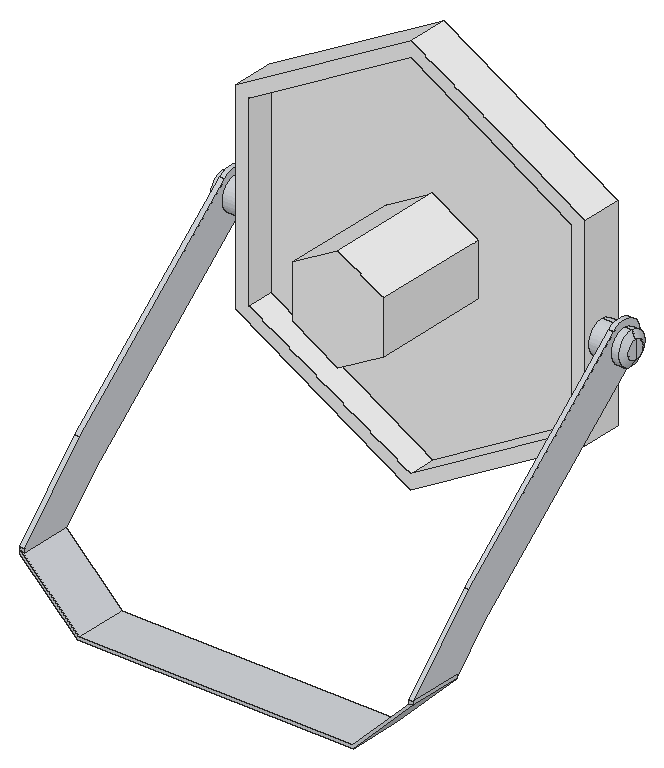
Revit family "Lighting-Proiezione-GEWISS-ESALITE-FL-PROIETTORI-LED_12K_DALI", category Apparecchi per illuminazione, host Superficie, Revit 2019 (continued)
Types (12, lengths in mm): name | Versioni | Temperatura di colore: | Scheda Tecnica | Ottica | built-in parameter 1150142 | Modello | Lumen output (lm) | IDT | Flusso nominale (lm) | File diagramma fotometrico | Descrizione
  GWS6424GD30K - ESALITE 12K 90° 3000K PRO+V GR.DALI | "Luce calda 3000K" | "3000 K (CRI>80)" | "https://www.gewiss.com/it/it/search?q=GWS6424GD30K" | "90°" | "IESNA:LM-63-2002\r\n[TEST] GWS6424GD30K\r\n[TESTLAB] GEWISS\r\n[TESTDATE] 31 Aug 2018\r\n[ISSUEDATE] 31 Aug 2018\r\n[MANUFAC] GEWISS\r\n[LUMCAT] GWS6424GD30K\r\n[LUMINAIRE] ESALITE FL 12K+GLAS 90° GR. DALI LED830\r\n[FLASHAREA] 0.030706\r\n[LAMPCAT] LED 112W/3000K - 11800lm\r\n[LAMP] LED 112W/3000K - 11800lm\r\nTILT=NONE\r\n1 11800.00 1.0 28 19 1 2 -0.402 -0.402 0.000\r\n1.00 1.00 112.00\r\n0.00 2.50 5.00 7.50 10.00 12.50 15.00 17.50 20.00 22.50 \r\n25.00 27.50 30.00 32.50 35.00 37.50 40.00 42.50 45.00 \r\n50.00 55.00 60.00 65.00 70.00 75.00 80.00 85.00 90.00 \r\n0.00 5.00 10.00 15.00 20.00 25.00 30.00 35.00 40.00 45.00 \r\n50.00 55.00 60.00 65.00 70.00 75.00 80.00 85.00 90.00 \r\n6815.21 6798.33 6799.87 6843.76 6931.08 7020.41 7012.86 \r\n6938.87 6846.83 6760.69 6661.34 6542.51 6387.34 6170.34 \r\n5879.35 5446.41 4385.23 2340.29 1020.91 578.29 615.00 \r\n504.98 432.97 339.97 229.77 115.56 37.15 0.70 \r\n6815.21 6800.93 6803.76 6852.97 6945.72 7030.79 7030.91 \r\n6955.51 6862.88 6774.97 6674.91 6549.59 6392.41 6170.69 \r\n5874.28 5435.55 4367.65 2325.31 1012.99 567.59 638.46 \r\n501.72 430.39 337.62 226.48 118.83 36.47 0.69 \r\n6815.21 6797.74 6798.45 6846.01 6943.00 7028.91 7028.32 \r\n6952.44 6862.76 6775.56 6678.68 6556.43 6396.31 6180.25 \r\n5885.96 5446.53 4385.82 2337.58 1014.27 565.31 562.49 \r\n498.33 428.87 335.39 220.73 114.96 34.81 0.69 \r\n6815.21 6797.04 6801.28 6846.36 6946.78 7030.79 7028.32 \r\n6951.62 6858.51 6771.43 6673.49 6555.96 6394.66 6179.78 \r\n5885.25 5445.11 4382.28 2339.70 1016.22 571.00 575.43 \r\n504.78 431.99 333.74 214.32 111.23 35.77 0.68 \r\n6815.21 6797.74 6801.17 6846.83 6954.09 7037.52 7035.40 \r\n6957.04 6859.34 6774.26 6678.45 6556.67 6397.61 6180.60 \r\n5886.43 5445.23 4380.40 2338.05 1011.45 587.63 942.83 \r\n503.47 430.30 323.01 206.68 102.79 30.93 0.66 \r\n6815.21 6794.09 6795.15 6841.64 6952.32 7034.57 7029.97 \r\n6948.43 6856.63 6773.32 6677.27 6556.20 6396.78 6180.84 \r\n5891.27 5451.84 4391.13 2344.54 1015.39 603.82 914.69 \r\n509.80 433.39 314.53 203.50 92.55 27.87 0.65 \r\n6815.21 6793.97 6793.14 6846.12 6961.06 7044.25 7034.22 \r\n6952.68 6858.16 6772.26 6678.56 6555.14 6394.30 6177.06 \r\n5888.55 5448.30 4380.28 2333.69 1008.59 609.35 703.56 \r\n509.30 431.27 308.65 200.93 83.84 27.45 0.63 \r\n6815.21 6790.55 6787.01 6844.83 6965.78 7048.26 7040.35 \r\n6950.32 6858.04 6777.09 6682.10 6557.26 6393.48 6179.90 \r\n5893.86 5456.56 4388.89 2340.77 1011.74 611.05 825.13 \r\n510.35 433.96 314.91 204.06 93.35 27.70 0.61 \r\n6815.21 6789.84 6785.59 6846.12 6977.46 7060.41 7044.84 \r\n6954.57 6863.23 6783.23 6685.76 6562.22 6401.85 6190.52 \r\n5902.36 5465.88 4397.03 2343.01 1008.19 595.38 866.05 \r\n504.20 431.99 324.29 208.25 104.21 31.24 0.59 \r\n6815.21 6783.94 6779.93 6844.00 6978.64 7065.37 7044.72 \r\n6947.01 6853.44 6769.54 6673.49 6550.30 6386.75 6177.30 \r\n5891.74 5454.67 4389.95 2340.18 1003.67 567.72 563.72 \r\n501.69 429.69 332.62 213.27 110.24 35.64 0.57 \r\n6815.21 6785.35 6778.16 6848.84 6989.97 7083.66 7056.16 \r\n6953.86 6865.71 6784.76 6689.18 6566.82 6406.69 6201.61 \r\n5915.46 5473.55 4403.17 2343.24 1006.10 569.72 562.72 \r\n502.03 431.48 338.09 222.49 115.60 35.41 0.55 \r\n6815.21 6781.93 6775.91 6852.50 6997.64 7090.38 7057.58 \r\n6951.38 6858.51 6776.50 6685.41 6563.40 6396.54 6190.75 \r\n5904.84 5467.18 4400.81 2345.01 1006.33 570.34 619.82 \r\n504.24 431.59 339.50 227.82 118.67 37.02 0.55 \r\n6815.21 6779.57 6778.16 6861.94 7011.91 7101.00 7061.83 \r\n6950.67 6859.34 6782.64 6690.13 6565.17 6399.02 6189.93 \r\n5900.59 5460.21 4386.89 2330.85 999.90 573.11 615.87 \r\n503.26 430.94 339.36 230.18 114.91 37.28 0.54 \r\n6815.21 6774.73 6774.26 6861.58 7014.75 7102.89 7059.11 \r\n6944.18 6855.80 6779.57 6687.53 6562.22 6400.56 6193.58 \r\n5905.31 5466.94 4394.08 2336.40 998.96 567.63 640.81 \r\n502.43 430.26 338.37 227.46 119.36 36.64 0.53 \r\n6815.21 6771.19 6774.62 6870.90 7023.01 7113.28 7059.82 \r\n6944.54 6857.57 6780.28 6689.07 6565.76 6401.38 6189.93 \r\n5901.18 5463.75 4394.08 2339.00 997.52 564.51 558.78 \r\n498.73 428.41 335.79 221.43 115.05 35.05 0.54 \r\n6815.21 6773.44 6773.32 6873.62 7026.90 7120.36 7061.83 \r\n6948.67 6865.00 6789.25 6700.28 6576.14 6413.30 6202.67 \r\n5915.22 5474.02 4401.05 2348.32 1000.84 567.16 583.96 \r\n501.46 429.12 332.15 213.69 111.00 35.75 0.55 \r\n6815.21 6770.01 6772.61 6875.27 7031.97 7119.18 7058.17 \r\n6940.05 6854.50 6779.69 6691.66 6564.46 6402.92 6192.40 \r\n5904.84 5464.11 4387.83 2342.89 1000.63 586.50 1092.89 \r\n502.39 430.30 322.91 207.41 103.55 31.50 0.55 \r\n6815.21 6769.90 6770.37 6878.69 7035.51 7125.67 7062.18 \r\n6941.11 6857.57 6786.18 6693.55 6567.05 6404.21 6192.40 \r\n5909.20 5464.93 4392.43 2344.19 1002.81 598.04 1003.68 \r\n509.08 431.79 312.92 203.24 92.47 27.90 0.56 \r\n6815.21 6774.62 6774.62 6880.46 7039.17 7126.61 7056.52 \r\n6939.58 6854.62 6780.75 6684.82 6556.79 6391.94 6177.77 \r\n5899.65 5460.33 4394.67 2354.22 1010.38 610.89 696.62 \r\n512.69 435.03 310.25 203.17 84.42 28.17 0.57 \r\n" | "GWS6424GD30K" | "11800" | "e4b364b06e3a458b96a80a10ea222f02" | "14000" | "GWS6424GD30K.IES" | "ESALITE 12K 90° 3000K PRO+V GR.DALI"
  GWS6424GD57K - ESALITE 12K 90° 5700K PRO+V GR.DALI | "Luce fredda 5700K" | "5700 K (CRI>80)" | "https://www.gewiss.com/it/it/search?q=GWS6424GD57K" | "90°" | "IESNA:LM-63-2002\r\n[TEST] GWS6424GD57K\r\n[TESTLAB] GEWISS\r\n[TESTDATE] 31 Aug 2018\r\n[ISSUEDATE] 31 Aug 2018\r\n[MANUFAC] GEWISS\r\n[LUMCAT] GWS6424GD57K\r\n[LUMINAIRE] ESALITE FL 12K+GLAS 90° GR. DALI LED857\r\n[FLASHAREA] 0.030706\r\n[LAMPCAT] LED 112W/5700K - 12700lm\r\n[LAMP] LED 112W/5700K - 12700lm\r\nTILT=NONE\r\n1 12700.00 1.0 28 19 1 2 -0.402 -0.402 0.000\r\n1.00 1.00 112.00\r\n0.00 2.50 5.00 7.50 10.00 12.50 15.00 17.50 20.00 22.50 \r\n25.00 27.50 30.00 32.50 35.00 37.50 40.00 42.50 45.00 \r\n50.00 55.00 60.00 65.00 70.00 75.00 80.00 85.00 90.00 \r\n0.00 5.00 10.00 15.00 20.00 25.00 30.00 35.00 40.00 45.00 \r\n50.00 55.00 60.00 65.00 70.00 75.00 80.00 85.00 90.00 \r\n7335.01 7316.85 7318.50 7365.75 7459.73 7555.86 7547.74 \r\n7468.11 7369.05 7276.34 7169.40 7041.52 6874.51 6640.96 \r\n6327.77 5861.81 4719.70 2518.79 1098.78 622.40 661.91 \r\n543.50 465.99 365.90 247.29 124.37 39.99 0.76 \r\n7335.01 7319.64 7322.69 7375.65 7475.47 7567.04 7567.17 \r\n7486.02 7386.32 7291.70 7184.01 7049.13 6879.97 6641.34 \r\n6322.31 5850.13 4700.78 2502.66 1090.26 610.88 687.16 \r\n539.99 463.22 363.37 243.75 127.89 39.25 0.75 \r\n7335.01 7316.22 7316.98 7368.16 7472.55 7565.01 7564.37 \r\n7482.71 7386.19 7292.34 7188.07 7056.50 6884.16 6651.63 \r\n6334.89 5861.94 4720.34 2515.87 1091.63 608.43 605.40 \r\n536.33 461.58 360.97 237.57 123.73 37.46 0.74 \r\n7335.01 7315.45 7320.03 7368.54 7476.62 7567.04 7564.37 \r\n7481.82 7381.62 7287.89 7182.48 7055.99 6882.38 6651.12 \r\n6334.13 5860.41 4716.53 2518.16 1093.72 614.55 619.32 \r\n543.28 464.93 359.19 230.67 119.72 38.49 0.73 \r\n7335.01 7316.22 7319.90 7369.05 7484.49 7574.28 7571.99 \r\n7487.67 7382.51 7290.94 7187.82 7056.75 6885.56 6652.01 \r\n6335.39 5860.54 4714.49 2516.38 1088.59 632.45 1014.74 \r\n541.87 463.12 347.65 222.44 110.63 33.28 0.71 \r\n7335.01 7312.28 7313.42 7363.46 7482.59 7571.10 7566.15 \r\n7478.39 7379.59 7289.93 7186.55 7056.25 6884.67 6652.26 \r\n6340.60 5867.65 4726.05 2523.36 1092.83 649.87 984.45 \r\n548.68 466.45 338.52 219.02 99.61 30.00 0.70 \r\n7335.01 7312.15 7311.26 7368.29 7491.98 7581.52 7570.72 \r\n7482.97 7381.24 7288.78 7187.95 7055.10 6882.00 6648.20 \r\n6337.68 5863.84 4714.37 2511.68 1085.52 655.83 757.22 \r\n548.14 464.16 332.19 216.26 90.23 29.55 0.68 \r\n7335.01 7308.47 7304.66 7366.89 7497.06 7585.84 7577.33 \r\n7480.43 7381.11 7293.99 7191.76 7057.39 6881.11 6651.24 \r\n6343.40 5872.73 4723.64 2519.30 1088.91 657.66 888.06 \r\n549.27 467.06 338.92 219.62 100.47 29.81 0.66 \r\n7335.01 7307.71 7303.13 7368.29 7509.64 7598.92 7582.15 \r\n7485.00 7386.70 7300.60 7195.69 7062.72 6890.13 6662.67 \r\n6352.54 5882.77 4732.40 2521.71 1085.09 640.79 932.10 \r\n542.66 464.93 349.02 224.13 112.16 33.62 0.63 \r\n7335.01 7301.36 7297.04 7366.00 7510.91 7604.25 7582.03 \r\n7476.87 7376.16 7285.86 7182.48 7049.90 6873.88 6648.45 \r\n6341.11 5870.70 4724.78 2518.66 1080.22 611.02 606.72 \r\n539.95 462.46 357.99 229.54 118.65 38.36 0.61 \r\n7335.01 7302.88 7295.13 7371.21 7523.10 7623.94 7594.35 \r\n7484.24 7389.37 7302.25 7199.38 7067.68 6895.34 6674.61 \r\n6366.64 5891.02 4739.00 2521.97 1082.84 613.17 605.64 \r\n540.32 464.39 363.88 239.46 124.42 38.11 0.60 \r\n7335.01 7299.20 7292.72 7375.14 7531.35 7631.18 7595.87 \r\n7481.57 7381.62 7293.36 7195.31 7063.99 6884.42 6662.93 \r\n6355.21 5884.16 4736.46 2523.87 1083.08 613.84 667.09 \r\n542.70 464.50 365.39 245.20 127.72 39.85 0.59 \r\n7335.01 7296.66 7295.13 7385.30 7546.72 7642.61 7600.44 \r\n7480.81 7382.51 7299.96 7200.39 7065.90 6887.08 6662.04 \r\n6350.64 5876.67 4721.48 2508.63 1076.16 616.83 662.84 \r\n541.64 463.80 365.24 247.74 123.67 40.12 0.58 \r\n7335.01 7291.45 7290.94 7384.92 7549.77 7644.64 7597.52 \r\n7473.82 7378.70 7296.66 7197.60 7062.72 6888.73 6665.98 \r\n6355.71 5883.91 4729.23 2514.60 1075.16 610.92 689.69 \r\n540.75 463.08 364.17 244.81 128.46 39.44 0.57 \r\n7335.01 7287.64 7291.32 7394.96 7558.66 7655.81 7598.28 \r\n7474.20 7380.60 7297.42 7199.25 7066.53 6889.62 6662.04 \r\n6351.27 5880.48 4729.23 2517.39 1073.61 607.57 601.40 \r\n536.77 461.09 361.40 238.32 123.83 37.73 0.59 \r\n7335.01 7290.05 7289.93 7397.88 7562.85 7663.43 7600.44 \r\n7478.65 7388.61 7307.07 7211.31 7077.71 6902.45 6675.75 \r\n6366.38 5891.53 4736.72 2527.43 1077.18 610.41 628.50 \r\n539.71 461.85 357.48 229.98 119.47 38.48 0.59 \r\n7335.01 7286.37 7289.16 7399.65 7568.31 7662.16 7596.50 \r\n7469.38 7377.30 7296.78 7202.04 7065.14 6891.27 6664.71 \r\n6355.21 5880.86 4722.49 2521.59 1076.95 631.23 1176.25 \r\n540.70 463.12 347.54 223.23 111.44 33.91 0.60 \r\n7335.01 7286.24 7286.75 7403.34 7572.12 7669.15 7600.82 \r\n7470.52 7380.60 7303.77 7204.07 7067.93 6892.67 6664.71 \r\n6359.91 5881.75 4727.45 2522.98 1079.30 643.65 1080.24 \r\n547.90 464.72 336.79 218.74 99.52 30.03 0.61 \r\n7335.01 7291.32 7291.32 7405.24 7576.06 7670.16 7594.73 \r\n7468.87 7377.43 7297.93 7194.68 7056.88 6879.46 6648.96 \r\n6349.62 5876.80 4729.86 2533.78 1087.44 657.48 749.76 \r\n551.79 468.21 333.91 218.67 90.86 30.32 0.61 \r\n" | "GWS6424GD57K" | "12700" | "9b5e66c3613a43dfb9990fbbdd86d297" | "15000" | "GWS6424GD57K.IES" | "ESALITE 12K 90° 5700K PRO+V GR.DALI"
  GWS6425GD - ESALITE 12K ELL.4000K PRO+V GR.DALI | "Luce naturale 4000K" | "4000 K (CRI>80)" | "https://www.gewiss.com/it/it/search?q=GWS6425GD" | "Ellittica" | "IESNA:LM-63-2002\r\n[TEST] GWS6425GD\r\n[TESTLAB] GEWISS\r\n[TESTDATE] 31 Aug 2018\r\n[ISSUEDATE] 31 Aug 2018\r\n[MANUFAC] GEWISS\r\n[LUMCAT] GWS6425GD\r\n[LUMINAIRE] ESALITE FL 12K+GLAS ELL. GR. DALI LED840\r\n[FLASHAREA] 0.030706\r\n[LAMPCAT] LED 112W/4000K - 11900lm\r\n[LAMP] LED 112W/4000K - 11900lm\r\nTILT=NONE\r\n1 11900.00 1.0 46 19 1 2 -0.402 -0.402 0.000\r\n1.00 1.00 112.00\r\n0.00 1.00 2.00 3.00 4.00 5.00 6.00 7.00 8.00 9.00 10.00 \r\n11.00 12.00 13.00 14.00 15.00 17.50 20.00 22.50 25.00 \r\n27.50 30.00 32.50 35.00 37.50 40.00 42.50 45.00 47.50 \r\n50.00 52.50 55.00 57.50 60.00 62.50 65.00 67.50 70.00 \r\n72.50 75.00 77.50 80.00 82.50 85.00 87.50 90.00 \r\n0.00 5.00 10.00 15.00 20.00 25.00 30.00 35.00 40.00 45.00 \r\n50.00 55.00 60.00 65.00 70.00 75.00 80.00 85.00 90.00 \r\n4745.36 4742.74 4745.24 4761.43 4803.79 4900.78 5060.00 \r\n5261.47 5454.25 5610.97 5684.51 5679.63 5662.38 5662.50 \r\n5671.18 5701.05 5810.41 5944.53 6121.12 6349.96 6696.96 \r\n7109.89 7165.82 7109.66 7093.35 7082.05 7061.82 6889.39 \r\n6364.95 5398.08 4081.34 2674.64 1534.39 989.53 1006.18 \r\n1253.19 1074.82 611.39 405.69 320.55 240.12 182.78 130.80 \r\n75.02 26.02 1.72 \r\n4745.36 4745.96 4747.86 4762.74 4804.63 4899.35 5055.83 \r\n5256.11 5448.18 5606.57 5680.11 5676.30 5659.52 5655.71 \r\n5666.90 5696.89 5806.01 5946.43 6118.50 6347.46 6685.42 \r\n7083.36 7150.00 7113.94 7103.94 7104.06 7094.18 6944.60 \r\n6431.59 5444.49 4111.09 2683.21 1518.44 979.29 997.26 \r\n1242.00 1061.81 597.19 379.46 285.03 214.24 163.16 108.60 \r\n57.89 20.45 1.71 \r\n4745.36 4746.55 4746.67 4760.36 4801.53 4891.97 5044.17 \r\n5242.07 5435.56 5594.67 5674.99 5676.06 5657.86 5653.45 \r\n5665.23 5693.20 5806.25 5951.31 6136.83 6373.28 6692.20 \r\n7052.30 7152.26 7162.49 7174.51 7189.03 7193.19 7067.77 \r\n6577.61 5580.27 4234.97 2782.34 1568.78 990.37 989.34 \r\n1238.67 1049.66 585.03 367.10 273.20 204.73 148.73 97.24 \r\n53.90 19.76 1.69 \r\n4745.36 4745.24 4746.55 4757.14 4795.70 4881.50 5027.63 \r\n5219.82 5411.88 5579.20 5668.21 5677.13 5659.16 5653.57 \r\n5663.69 5694.15 5812.91 5971.90 6172.65 6420.76 6715.53 \r\n7039.44 7191.17 7251.98 7287.20 7306.24 7276.85 7127.27 \r\n6670.19 5746.27 4490.11 3113.28 1869.37 1110.00 988.27 \r\n1223.56 1039.00 580.90 364.91 272.59 205.94 152.15 106.40 \r\n55.44 20.30 1.68 \r\n4745.36 4742.86 4744.77 4753.45 4787.73 4866.15 5002.64 \r\n5188.28 5378.92 5555.28 5662.97 5682.85 5665.23 5659.64 \r\n5668.21 5699.39 5823.27 5994.74 6209.90 6478.96 6766.22 \r\n7055.39 7243.05 7327.90 7342.42 7294.70 7144.76 6861.54 \r\n6418.15 5687.61 4655.99 3436.48 2232.08 1290.67 972.86 \r\n1155.59 1023.64 567.65 352.67 269.43 201.06 149.36 103.15 \r\n61.66 24.16 1.65 \r\n4745.36 4744.77 4745.96 4754.17 4783.44 4854.01 4981.46 \r\n5158.77 5346.79 5529.81 5657.74 5698.91 5688.20 5678.80 \r\n5686.30 5716.88 5848.73 6033.66 6261.07 6540.36 6816.92 \r\n7044.56 7189.27 7186.41 7049.92 6790.38 6383.40 5855.28 \r\n5266.11 4642.31 3867.62 2901.93 1918.64 1153.82 850.95 \r\n1001.06 950.35 533.62 341.34 261.15 190.94 131.22 85.27 \r\n53.57 25.38 1.62 \r\n4745.36 4745.96 4747.86 4754.76 4777.97 4838.42 4951.59 \r\n5116.88 5300.50 5491.49 5640.48 5711.05 5710.57 5701.77 \r\n5704.38 5730.92 5858.61 6043.30 6264.52 6508.35 6696.61 \r\n6761.10 6688.28 6413.15 5956.90 5365.47 4667.78 3937.95 \r\n3235.73 2611.34 2093.09 1619.35 1201.66 899.27 745.76 \r\n805.42 788.03 474.37 324.51 246.75 178.11 118.89 77.55 \r\n47.91 19.71 1.59 \r\n4745.36 4745.96 4746.67 4750.36 4770.95 4822.12 4921.36 \r\n5073.09 5250.52 5444.13 5613.35 5716.88 5736.04 5725.92 \r\n5723.42 5743.30 5858.73 6024.26 6186.69 6293.32 6249.05 \r\n5994.98 5556.94 4915.30 4145.84 3357.82 2623.59 2018.24 \r\n1595.20 1341.37 1217.96 1155.63 1074.52 935.71 765.57 \r\n656.73 586.13 418.71 306.13 235.62 171.36 122.14 79.56 \r\n47.17 18.89 1.52 \r\n4745.36 4744.05 4746.55 4747.74 4763.93 4807.96 4889.83 \r\n5024.54 5189.47 5379.87 5565.27 5697.48 5747.82 5743.65 \r\n5733.78 5746.87 5831.95 5929.41 5942.50 5789.11 5401.41 \r\n4760.00 3986.26 3150.17 2389.52 1817.25 1447.75 1264.49 \r\n1211.54 1207.14 1209.63 1203.45 1168.70 1055.47 862.45 \r\n649.12 488.48 380.68 298.12 234.74 175.32 132.34 88.68 \r\n47.12 18.10 1.45 \r\n4745.36 4746.55 4746.55 4749.05 4761.55 4797.84 4867.10 \r\n4978.37 5129.49 5311.33 5504.35 5666.66 5757.22 5774.71 \r\n5759.01 5754.01 5778.28 5743.18 5517.43 5031.32 4282.10 \r\n3373.05 2518.75 1881.75 1482.86 1280.56 1205.71 1207.61 \r\n1237.01 1261.99 1276.99 1277.58 1265.80 1195.24 1023.47 \r\n800.27 574.02 413.66 314.29 241.51 180.36 135.01 93.32 \r\n48.86 17.43 1.38 \r\n4745.36 4745.36 4744.05 4745.96 4755.24 4782.61 4837.83 \r\n4925.89 5051.91 5217.56 5403.79 5587.53 5715.93 5771.86 \r\n5762.46 5736.99 5662.38 5435.56 4923.74 4108.00 3123.75 \r\n2212.45 1633.16 1344.22 1224.51 1201.07 1207.26 1230.22 \r\n1268.78 1301.62 1317.69 1322.69 1317.69 1291.86 1216.18 \r\n1090.05 829.97 530.47 351.44 255.98 187.02 134.95 88.02 \r\n47.10 17.68 1.31 \r\n4745.36 4745.96 4745.96 4746.55 4755.24 4779.52 4823.55 \r\n4891.38 4992.05 5134.49 5307.88 5496.85 5655.48 5758.65 \r\n5775.43 5734.49 5518.39 5059.05 4264.01 3207.17 2203.05 \r\n1569.25 1299.36 1209.16 1201.07 1215.35 1227.13 1246.41 \r\n1278.18 1306.86 1313.64 1307.33 1302.46 1310.43 1359.34 \r\n1403.25 1113.98 673.49 414.52 288.40 206.41 153.75 97.24 \r\n51.31 18.39 1.23 \r\n4745.36 4743.46 4744.77 4744.77 4752.86 4771.54 4803.91 \r\n4855.68 4929.10 5039.41 5187.69 5370.35 5543.02 5687.01 \r\n5749.72 5705.93 5332.03 4634.69 3616.05 2460.80 1645.53 \r\n1335.06 1222.37 1200.00 1213.68 1229.87 1237.36 1241.76 \r\n1256.64 1270.33 1266.52 1247.24 1233.55 1271.99 1416.10 \r\n1584.96 1271.28 739.16 449.63 310.55 219.85 156.08 102.19 \r\n54.19 19.60 1.16 \r\n4745.36 4744.05 4745.36 4746.55 4755.95 4774.64 4805.10 \r\n4843.06 4896.02 4973.84 5086.65 5241.71 5412.36 5575.51 \r\n5675.11 5666.30 5167.10 4238.18 3057.23 1933.39 1399.56 \r\n1294.96 1228.44 1214.63 1226.53 1239.62 1239.50 1230.22 \r\n1225.94 1227.25 1217.85 1202.85 1197.26 1248.31 1440.26 \r\n1660.41 1311.74 750.74 470.54 318.77 217.63 159.00 103.30 \r\n54.07 19.55 1.15 \r\n4745.36 4742.86 4743.46 4744.65 4754.65 4772.14 4799.03 \r\n4827.12 4862.70 4910.18 4984.43 5096.77 5239.09 5393.44 \r\n5511.48 5534.10 4993.24 3879.04 2613.36 1619.71 1333.99 \r\n1337.68 1260.92 1234.15 1239.74 1245.93 1238.55 1219.75 \r\n1203.45 1200.35 1200.47 1197.38 1199.16 1258.66 1485.12 \r\n1738.71 1355.53 784.88 511.68 341.17 220.98 151.62 97.37 \r\n52.83 20.15 1.14 \r\n4745.36 4742.86 4743.46 4742.86 4754.05 4771.54 4793.91 \r\n4817.48 4841.16 4867.81 4905.78 4967.89 5055.00 5168.17 \r\n5268.13 5302.28 4809.03 3588.56 2295.63 1461.44 1346.13 \r\n1408.48 1295.79 1247.83 1244.74 1245.93 1236.05 1213.56 \r\n1191.19 1188.75 1200.59 1207.37 1212.37 1276.75 1526.53 \r\n1802.37 1416.93 852.41 581.52 375.74 241.75 153.34 103.80 \r\n53.86 20.87 1.17 \r\n4745.36 4745.36 4744.65 4745.96 4758.93 4777.61 4801.17 \r\n4823.55 4842.82 4860.91 4877.69 4901.85 4934.22 4985.74 \r\n5035.48 5045.96 4627.20 3442.31 2153.07 1417.41 1404.32 \r\n1493.69 1329.71 1269.49 1261.40 1255.21 1242.12 1219.75 \r\n1195.59 1190.60 1207.37 1221.06 1229.15 1301.15 1568.78 \r\n1858.30 1469.41 927.70 689.50 466.43 293.16 169.18 102.53 \r\n51.94 20.30 1.21 \r\n4745.36 4743.46 4743.46 4745.36 4757.26 4778.56 4799.27 \r\n4822.36 4840.44 4854.84 4861.03 4862.22 4860.79 4851.39 \r\n4835.45 4797.01 4440.96 3446.00 2127.36 1411.10 1462.63 \r\n1572.11 1361.72 1285.91 1275.92 1260.09 1240.69 1218.68 \r\n1201.31 1195.12 1206.30 1222.61 1236.29 1317.21 1601.03 \r\n1892.58 1533.43 1021.84 776.34 617.15 410.90 211.83 87.61 \r\n49.51 19.08 1.27 \r\n4745.36 4741.56 4741.56 4744.05 4755.24 4775.23 4797.72 \r\n4818.90 4835.09 4847.58 4853.89 4850.08 4835.21 4802.84 \r\n4751.79 4679.56 4341.95 3455.76 2108.92 1401.46 1481.07 \r\n1595.79 1366.36 1286.63 1274.13 1254.26 1233.08 1210.59 \r\n1198.09 1194.40 1203.09 1215.59 1235.46 1321.85 1610.90 \r\n1900.31 1553.55 1074.03 831.68 699.78 491.46 213.68 84.47 \r\n49.69 18.84 1.26 \r\n" | "GWS6425GD" | "11900" | "b0d0416e6e4f498e908d20bf5c7ff17b" | "15000" | "GWS6425GD.IES" | "ESALITE 12K ELL.4000K PRO+V GR.DALI"
